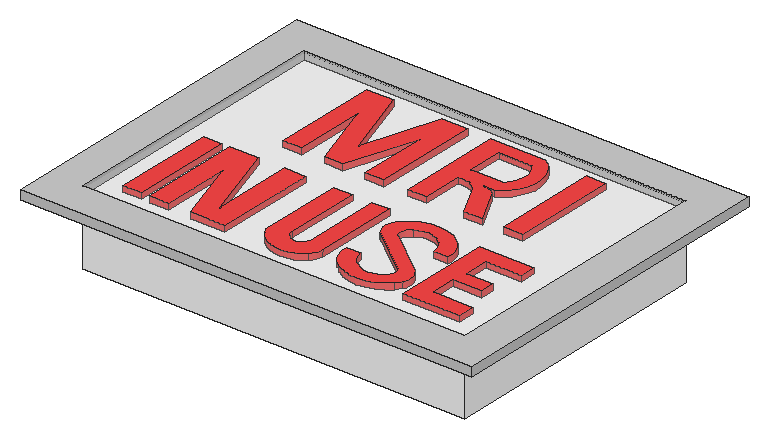
Revit family "OBN_Wall", category Lighting Fixtures, host Face, Revit 2021
Family settings
  Host = Face
  Round Connector Dimension = Use Diameter
  Part Type = Normal
  OmniClass Number = 23.80.70.11.21
  OmniClass Title = Emergency Lighting
  Cut with Voids When Loaded = No
  Light Source = No
  Shared = No
  Room Calculation Point = No
Parameters (values of type "OBN")
  zz Length 1 [instance] = 0.200"
  Watts = 3.72 W
  Wattage Comments = "3.72 W"
  Warranty = "Fixture: 5 Years Full; Battery: 2 Years Full, 8 Years Pro-Rata"  # constant formula
  Wall Plate Material = Plastic, Opaque White
  Voltage [instance] = if(Is 120VAC, 120 V, 277 V)  # 120 V
  URL = "https://www.currentlighting.com/lifeshield"
  Type Comments = "Exit Light"  # constant formula
  Product Page URL = ""
  Product Documentation Link = ""
  Model = "CLS"
  Manufacturer = "Lifeshield"  # constant formula
  Load Classification = Lighting
  Lens = Red Glass
  Lamp = "LED Lamp"  # constant formula
  Is 277VAC [instance] = not(Is 120VAC)  # no
  Is 120VAC [instance] = yes
  Holder Material = Steel
  Glass = light Glass
  Finish = White
  Features = "Improved one-piece design in AC or emergency operation\r\nHighly reliable and energy efficient LED illumination\r\nLong lasting Nickel Cadmium Battery\r\nGlass panels with EXIT or STAIRS"  # constant formula
  Description = "The CLS Series offers bright and even LED EXIT or STAIRS glass panel illumination with Red letters, white LED's and a 20 gauge, durable steel housing. Features include AC or Emergency operation in single or double face. 120/277 VAC input. City of Chicago approved."  # constant formula
  Default Elevation = 48.000"
  Certification = "UL 924 Listed\r\nNFPA 101 Life Safety Code\r\nCEC T20 Compliant"  # constant formula
  Application = "The Sempra® MR Series are a set of compact, low-profile Master/\r\nRemote exit sign featuring cast aluminum construction. It allows for\r\neasy installation and has energy saving, long-life LED lamps. "  # constant formula
  Apparent Load = Watts  # 3.72 VA
Reference planes (in)
  plane 1 "Center (Front/Back)": y = 0
  plane 2: z = 0
  plane 3 "Center (Left/Right)": x = 0
  plane 4: x = -6.25
  plane 5: x = 6.25
  plane 6: x = -2.75
  plane 7: x = 2.75
  plane 8: z = 9.3
  plane 9: y = -1.25
  plane 10: y = 1.25
  plane 11: y = -2.2
  plane 12: y = 2.2
Forms (in)
  Extrusion 1, void
    sketch origin (0, 0, 0) x (1, 0, 0) y (0, 1, 0)
      loop
        line (-5.49, 3.975) -> (-5.49, -3.975) -> (5.49, -3.975) -> (5.49, 3.975) -> (-5.49, 3.975)
    from 0 to -1.875
  Extrusion 2, solid, material "Plastic, Opaque White" <- "Wall Plate Material"
    sketch origin (0, 0, 0) x (1, 0, 0) y (0, 1, 0)
      loop
        line (-5.49, 3.975) -> (-5.49, -3.975) -> (5.49, -3.975) -> (5.49, 3.975) -> (-5.49, 3.975)
      loop
        line (-6.49, 4.975) -> (-6.49, -4.975) -> (6.49, -4.975) -> (6.49, 4.975) -> (-6.49, 4.975)
    from 0 to 0.25
Dimensions and locks (in)
  plane 4 to plane 3 "Center (Left/Right)" = 6.250"
  equal spacing: plane 4, plane 3 "Center (Left/Right)", plane 5
  equal spacing: plane 6, plane 3 "Center (Left/Right)", plane 7
  plane 6 to plane 3 "Center (Left/Right)" = 2.750"
  plane 7 to plane 6 = 5.500"
  plane 5 to plane 4 = 12.500"
  aligned and locked: plane 2 to host face
  aligned and locked: level to host face
Automatic sketch dimensions
  host sketch curve to host sketch curve = 96.000"  (x2)
  plane 4 to Extrusion 1 sketch curve = 0.760"
  Extrusion 1 sketch curve to plane 5 = 0.760"
  plane 11 to Extrusion 1 sketch curve = 1.775"
  Extrusion 1 sketch curve to plane 12 = 1.775"
  Extrusion 2 sketch curve to plane 4 = 0.240"
  plane 4 to Extrusion 2 sketch curve = 0.760"
  Extrusion 2 sketch curve to plane 5 = 0.760"
  plane 5 to Extrusion 2 sketch curve = 0.240"
  plane 11 to Extrusion 2 sketch curve = 2.775"
  Extrusion 2 sketch curve to Extrusion 2 sketch curve = 1.000"  (x2)
  Extrusion 2 sketch curve to plane 12 = 1.775"
Nested families (in)
  nested 1: "C" at (0, 0, -1.875), type "C1"
Connectors (in)
  electrical at (0, 0, -1.875)
    settings: on nested 1, index 1, voltage 120 V, apparent load 11 VA, apparent load phase1 0 VA, apparent load phase2 0 VA, apparent load phase3 0 VA, power factor 0.9, load classification "Other", number of poles 1, system type 30, power factor state 1, is connector primary yes, connector utility no, sub classification motor no, connector description "Lighting Connector"
Definition of nested family "C"
  Parameters
    Width = 2.180"
    Lens = none
    Glass = none
    Finish = none
    Default Elevation = 0.000"
  Reference planes (in)
    plane 1 "Center (Front/Back)": y = 0
    plane 2: z = 0
    plane 3 "Center (Left/Right)": x = 0
    plane 4: x = 5.49
    plane 5: x = -5.49
    plane 6: z = 7.95
    plane 7: y = 1.09
    plane 8: y = -1.09
  Forms (in)
    Extrusion 1, solid, material <- "Finish"
      sketch origin (0, -4.705, 0.95) x (1, 0, 0) y (0, 1, 0)
        loop
          line (-5.49, 0.73) -> (5.49, 0.73) -> (5.49, 8.68) -> (-5.49, 8.68) -> (-5.49, 0.73)
      from -0.95 to 0.95
    Extrusion 2, solid, material <- "Lens"
      sketch origin (0, 3.89958, 0.95) x (-1, 0, 0) y (0, -1, 0)
        loop
          line (-3.53314, 3.34728) -> (-3.53314, 0.34728) -> (-2.99224, 0.34728) -> (-2.99224, 3.34728) -> (-3.53314, 3.34728)
        loop
          line (2.81407, 3.34728) -> (2.81407, 1.35176) -> (2.16568, 3.34728) -> (1.6293, 3.34728) -> (0.9935, 1.39048) -> (0.9935, 3.34728) -> (0.4526, 3.34728) -> (0.4526, 0.34728) -> (1.18845, 0.34728) -> (1.87504, 2.4604) -> (2.56164, 0.34728) -> (3.35497, 0.34728) -> (3.35497, 3.34728) -> (2.81407, 3.34728)
        loop
          line (-0.23215, 3.34728) -> (-0.77305, 3.34728) -> (-0.77305, 2.22457)
          arc (-0.77305, 2.22457) -> (-1.14557, 2.25349) -> (-1.41817, 2.50903) r 0.56368
          line (-1.41817, 2.50903) -> (-1.85443, 3.34728) -> (-2.38453, 3.34728) -> (-1.86798, 2.35475)
          arc (-1.86798, 2.35475) -> (-1.68643, 2.2224) -> (-1.46928, 2.16476) r 0.60988
          line (-1.46928, 2.16476) -> (-1.78276, 2.16476)
          arc (-1.78276, 2.16476) -> (-2.31695, 1.25602) -> (-1.78276, 0.34728) r 1.04006
          line (-1.78276, 0.34728) -> (-0.23215, 0.34728) -> (-0.23215, 3.34728)
        loop
          line (-0.77305, 0.75116) -> (-0.77305, 1.76088) -> (-1.73228, 1.76088)
          arc (-1.73228, 1.76088) -> (-1.9323, 1.25602) -> (-1.73228, 0.75116) r 0.73713
          line (-1.73228, 0.75116) -> (-0.77305, 0.75116)
        loop
          line (4.33146, 7.19837) -> (4.33146, 4.31243) -> (4.87434, 4.31243) -> (4.87434, 7.19837) -> (4.33146, 7.19837)
        loop
          line (3.56317, 7.19837) -> (3.56317, 5.25808) -> (2.93272, 7.19837) -> (1.94064, 7.19837) -> (1.94064, 4.31243) -> (2.53418, 4.31243) -> (2.53418, 6.63709) -> (3.28951, 4.31243) -> (4.10604, 4.31243) -> (4.10604, 7.19837) -> (3.56317, 7.19837)
        loop
          line (1.13019, 4.31243) -> (1.13019, 6.75976)
          arc (1.13019, 6.75976) -> (0.466, 7.27518) -> (-0.33784, 7.02894) r 0.91276
          arc (-0.33784, 7.02894) -> (-0.44061, 6.87749) -> (-0.47675, 6.69806) r 0.46353
          line (-0.47675, 6.69806) -> (-0.47675, 4.31243) -> (0.01546, 4.31243) -> (0.01546, 6.4794)
          arc (0.01546, 6.4794) -> (0.30139, 6.76533) -> (0.58732, 6.4794) r 0.28593
          line (0.58732, 6.4794) -> (0.58732, 4.31243) -> (1.13019, 4.31243)
        loop
          line (-4.68598, 4.37493) -> (-3.12971, 4.37493) -> (-3.12971, 7.13587) -> (-4.75115, 7.13587) -> (-4.75115, 6.65284) -> (-3.61916, 6.65284) -> (-3.61916, 5.94346) -> (-4.42988, 5.94346) -> (-4.42988, 5.5381) -> (-3.67258, 5.5381) -> (-3.67258, 4.82872) -> (-4.68598, 4.82872) -> (-4.68598, 4.37493)
        loop
          line (-2.47819, 5.20089) -> (-2.88022, 5.20089)
          arc (-2.88022, 5.20089) -> (-2.84818, 4.8837) -> (-2.68766, 4.60826) r 0.75242
          arc (-2.68766, 4.60826) -> (-1.85576, 4.24188) -> (-1.02387, 4.60826) r 1.12765
          arc (-1.02387, 4.60826) -> (-0.96559, 4.68164) -> (-0.91688, 4.76169) r 0.75276
          arc (-0.91688, 4.76169) -> (-0.87475, 5.06793) -> (-1.03855, 5.33008) r 0.45373
          line (-1.03855, 5.33008) -> (-2.36791, 6.37098)
          arc (-2.36791, 6.37098) -> (-2.37045, 6.58515) -> (-2.23872, 6.75404) r 0.32375
          arc (-2.23872, 6.75404) -> (-1.60498, 6.79567) -> (-1.23334, 6.28066) r 0.65559
          line (-1.23334, 6.28066) -> (-0.83131, 6.28066)
          arc (-0.83131, 6.28066) -> (-0.86335, 6.59785) -> (-1.02387, 6.8733) r 0.75242
          arc (-1.02387, 6.8733) -> (-1.85576, 7.23967) -> (-2.68766, 6.8733) r 1.12765
          arc (-2.68766, 6.8733) -> (-2.74594, 6.79992) -> (-2.79465, 6.71987) r 0.75276
          arc (-2.79465, 6.71987) -> (-2.83676, 6.41353) -> (-2.67283, 6.15135) r 0.45373
          line (-2.67283, 6.15135) -> (-1.34362, 5.11057)
          arc (-1.34362, 5.11057) -> (-1.34108, 4.8964) -> (-1.47281, 4.72751) r 0.32375
          arc (-1.47281, 4.72751) -> (-2.10655, 4.68588) -> (-2.47819, 5.20089) r 0.65559
      from 0.95 to 1.11507
    Extrusion 3, solid, material <- "Glass"
      sketch origin (0, -4.705, 0.95) x (1, 0, 0) y (0, 1, 0)
        loop
          line (-5.49, 8.68) -> (-5.49, 0.73) -> (5.49, 0.73) -> (5.49, 8.68) -> (-5.49, 8.68)
      from 0.95 to 1.11507
  Dimensions and locks (in)
    aligned and locked: plane 2 to level
